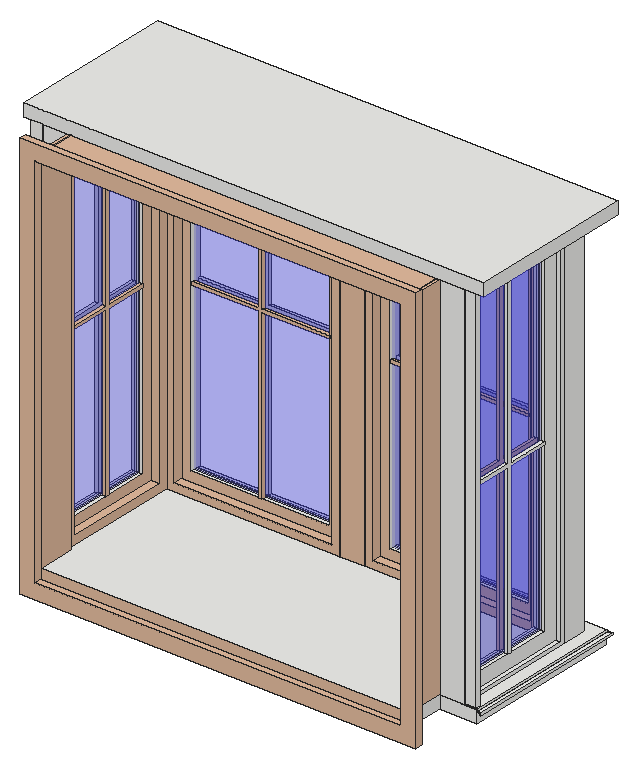
Revit family "M_Janela-compartimento-batente-caixa-ângulo de 90 graus", category Janelas, Revit 2019 (continued)
Definition of nested family "M_Plano-compartimento-batente"
  Lines and regions (mm)
    symbolic lines, visible <- "RH"
      curve 16: arc (-587.3, -19.05, 0) -> (-497.889, 430.45, 0) -> (-243.268, 811.518, 0) r 1174.6
      curve 19: line (587.3, -19.05, 0) -> (-243.268, 811.518, 0)
    symbolic lines, visible <- "LH"
      curve 17: arc (587.3, -19.05, 0) -> (497.889, 430.45, 0) -> (243.268, 811.518, 0) r 1174.6
      curve 18: line (-587.3, -19.05, 0) -> (243.268, 811.518, 0)
  Dimensions and locks
    "Width": plane 4 to plane 5
    equal spacing: plane 4, plane 3 "Centro (Esquerda/Direita)", plane 5
    plane 4 to plane 7 to plane 8 = 12.7 mm locked, 19.05 mm locked
    equal spacing: plane 9, plane 11, plane 10
    locked: plane 7 to plane 12 at 57.15
    plane 5 to plane 13 to plane 14 = 12.7 mm locked, 19.05 mm locked
    locked: plane 13 to plane 15 at 57.15
    plane 9 to plane 1 "Centro (Frente/Trás)" = 19.05 mm
    "Height": plane 16 to plane 2
    plane 16 to plane 17 to plane 18 to plane 19 = 12.7 mm locked, 19.05 mm locked, 38.1 mm locked
    plane 22 to plane 21 to plane 20 to plane 2 = 38.1 mm locked, 19.05 mm locked, 12.7 mm locked
    locked: plane 9 to curve 18 (angle 45.00°)
    locked: curve 19 to plane 9 (angle 45.00°)
    aligned and locked: plane 2 to level
    aligned and locked: curve 3 to plane 8
    aligned and locked: curve 1 to plane 7
    aligned and locked: curve 2 to plane 10
    aligned and locked: plane 4 to Masking region 1 sketch curve
    aligned and locked: plane 1 "Centro (Frente/Trás)" to Masking region 1 sketch curve
    aligned and locked: plane 6 to Masking region 1 sketch curve
    aligned and locked: Masking region 1 sketch curve to plane 5
    aligned and locked: plane 14 to curve 11
    aligned and locked: plane 13 to curve 9
    aligned and locked: plane 2 to Masking region 2 sketch curve
    aligned and locked: plane 6 to Masking region 2 sketch curve
    aligned and locked: plane 1 "Centro (Frente/Trás)" to Masking region 2 sketch curve
    aligned and locked: Masking region 2 sketch curve to plane 16
    aligned and locked: curve 28 to plane 22
    aligned and locked: curve 29 to plane 9
    aligned and locked: plane 10 to curve 26
    aligned and locked: plane 21 to curve 27
    aligned and locked: plane 20 to curve 25
    aligned and locked: plane 18 to curve 22
    aligned and locked: curve 21 to plane 10
    aligned and locked: plane 17 to curve 20
    aligned and locked: curve 23 to plane 9
    aligned and locked: plane 19 to curve 24
    aligned and locked: curve 30 to plane 11
  Automatic sketch dimensions
    Masking region 1 sketch curve to plane 7 = 0 mm
    Masking region 1 sketch curve to plane 8 = 0 mm
    Masking region 1 sketch curve to plane 13 = 0 mm
    Masking region 1 sketch curve to plane 14 = 0 mm
    curve 17 to plane 7 = 0 mm
    curve 8 to plane 11 = 0 mm
    curve 8 to plane 12 = 0 mm
    curve 14 to plane 10 = 0 mm
    curve 14 to plane 15 = 0 mm
    curve 16 to plane 13 = 0 mm
    curve 3 to plane 6 = 0 mm
    curve 11 to plane 6 = 0 mm
    curve 9 to plane 9 = 0 mm
    curve 6 to plane 9 = 0 mm
    plane 1 "Centro (Frente/Trás)" to curve 9 = 0 mm
    plane 1 "Centro (Frente/Trás)" to curve 1 = 0 mm
    Masking region 2 sketch curve to plane 18 = 0 mm
    Masking region 2 sketch curve to plane 17 = 0 mm
    Masking region 2 sketch curve to plane 20 = 0 mm
    Masking region 2 sketch curve to plane 21 = 0 mm
    curve 22 to plane 6 = 0 mm
    curve 27 to plane 6 = 0 mm
    curve 20 to plane 1 "Centro (Frente/Trás)" = 0 mm
    curve 25 to plane 1 "Centro (Frente/Trás)" = 0 mm
